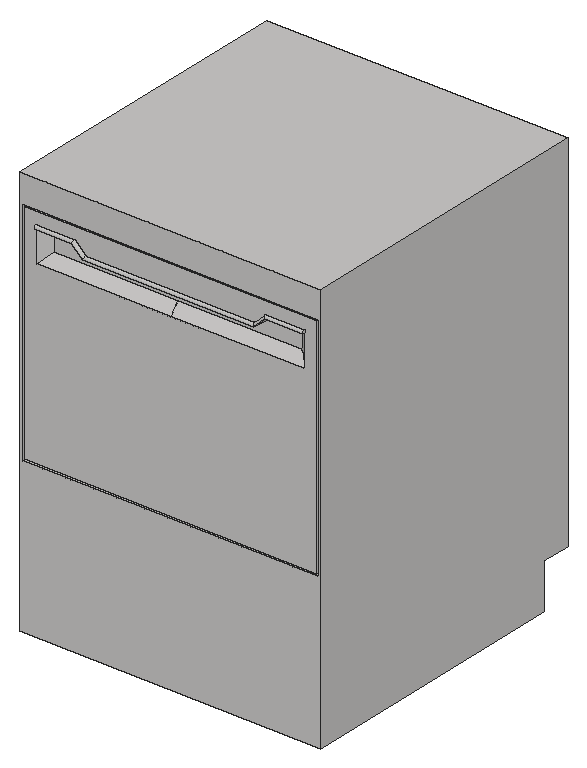
Revit family "QF_ELECTROLUXPROFESSIONAL_502712_ELI3G35M", category Specialty Equipment, Revit 2018
Family settings
  Round Connector Dimension = Use Diameter
  Part Type = Normal
  Work Plane-Based = No
  Always vertical = Yes
  Cut with Voids When Loaded = No
  Shared = No
  Room Calculation Point = No
Parameters
  Weight = 68.00 kg
  Watts = 0 W
  Volts = 0 V
  URL Manufacturer = ""
  URL = "http://professional.electrolux.com/"
  Steam Supply Size = 0 mm
  Steam Supply Minimum Pressure = 0.0 Pa
  Steam Supply Maximum Pressure = 0.0 Pa
  Steam Pounds per Hour = 0
  Show Logo [instance] = yes
  Show Clearance [instance] = yes
  Refrigeration Suction Line Size = 0 mm
  Refrigeration Liquid Line Size = 0 mm
  Refrigerant Compressor Remote = yes
  Manufacturer = ""
  Phase = 0
  Model = ""
  Length Actual = 600 mm  # constant formula
  Item Number = ""
  Hot Water Size = 0 mm
  Height Actual = 820 mm  # constant formula
  HP = "9.2 HP"
  Gas Size = 0 mm
  Gas KW = 0
  Gas Input Pressure = 0 W
  Direct Waste Size = 20.5 mm
  Description = ""
  Depth Actual = 615 mm  # constant formula
  Cycle = 0 Hz
  Condensate Return Size = 0 mm
  Compressed Air Volume = 0.0 L/s
  Compressed Air Size = 0 mm
  Compressed Air Pressure = 0.0 Pa
  Cold Water Size = 0 mm
  Accessory = yes
Types (2, lengths in mm): name | Volts | URL Manufacturer | URL | Manufacturer | Phase | Model | Item Number | Hot Water Size | Description | Cycle
  (no name) | 0 V | "" | "http://professional.electrolux.com/" | "" | 0 | "" | "" | 0 | "" | 0 Hz
  Standard | 230 V | "http://professional.electrolux.com" | "http://professional.electrolux.com" | "Electrolux Professional" | 3 | "ELI3G35M" | "502712" | 19.05 | "UNDERCOUNTER(L), DOUBLE SKIN, 3PH, DP, DD, 720D/H - 230V/3/50HZ MARINE" | 50 Hz
Reference planes
  plane 1 "Center (Front/Back)": y = 0
  plane 2: z = 0
  plane 3 "Center (Left/Right)": x = 0
  plane 4 "LEFT": x = -300
  plane 5 "RIGHT": x = 300
  plane 6 "FRONT": y = -307.5
  plane 7 "BACK": y = 307.5
  plane 8: z = 830
  plane 9: z = 10
  plane 10: y = 268.5
Forms (mm)
  Extrusion 1, solid, material "QF_Finishes_Stainless Steel"
    sketch origin (0, 0, 0) x (1, 0, 0) y (0, 1, 0)
      loop
        line (-300, -307.5) -> (300, -307.5) -> (300, 249.5) -> (-300, 249.5) -> (-300, -307.5)
    from 10 to 830
  Extrusion 2, solid, material "QF_Finishes_Stainless Steel"
    sketch origin (0, 0, 0) x (1, 0, 0) y (0, 1, 0)
      loop
        line (-300, 249.5) -> (300, 249.5) -> (300, 307.5) -> (-300, 307.5) -> (-300, 249.5)
    from 100 to 830
  Extrusion 3, solid, material "QF_Finishes_Stainless Steel"
    sketch origin (0, 0, 0) x (1, 0, 0) y (0, 1, 0)
      loop
        circle (-254, 193.5) r 12.5
      loop
        circle (254, 193.5) r 12.5
      loop
        circle (-254, -237.5) r 12.5
      loop
        circle (254, -237.5) r 12.5
    from 0 to 10
  Extrusion 4, void
    sketch origin (-300, -307.5, 0) x (-1, 0, 0) y (0, 0, 1)
      loop
        line (-5, 773.217) -> (-595, 773.217) -> (-595, 315.188) -> (-5, 315.188) -> (-5, 773.217)
    from 0 to 30
  Extrusion 5, solid, material "QF_Finishes_Stainless Steel"
    sketch origin (-274, -411, 733) x (0, 0, -1) y (1, 0, 0)
      loop
        circle (693, 143) r 10
    from -660.5 to -718.5
  Extrusion 6, solid, material "QF_Door-Drawer Clearances", visible <- "Show Clearance", detail levels coarse
    sketch origin (-230, -282.5, 0) x (0, 1, 0) y (0, 0, -1)
      loop
        line (-25, -319.312) -> (-397, -319.312)
        arc (-397, -319.312) -> (-298.139, -616.581) -> (-25, -770) r 434.302
        line (-25, -770) -> (-25, -319.312)
    from 61.225 to -521.647
  Extrusion 7, solid, material "QF_Finishes_Stainless Steel"
    sketch origin (-331.481, -411, 703) x (0, 0, -1) y (1, 0, 0)
      loop
        circle (663, 252.481) r 8
    from -660.5 to -718.5
  Extrusion 8, solid, material "QF_Finishes_Stainless Steel"
    sketch origin (-230, -282.5, 0) x (0, 1, 0) y (0, 0, -1)
      loop
        line (-25, -319.312) -> (-25, -770) -> (0, -770) -> (0, -319.312) -> (-25, -319.312)
    from 61.225 to -521.647
  Extrusion 9, solid, material "QF_Finishes_Stainless Steel"
    sketch origin (-301, 942.75, 760.5) x (0, -1, 0) y (1, 0, 0)
      loop
        circle (663, 158) r 8
    from -660.5 to -670.5
  Blend 10, void
    base sketch origin (-230, -307.5, 770) x (0, 0, -1) y (1, 0, 0)
      loop
        line (93.563, -37.311) -> (93.563, 230) -> (93.563, 497.311) -> (28.563, 497.311) -> (28.563, 422.311) -> (49.776, 401.098) -> (49.776, 230) -> (49.776, 58.902) -> (28.563, 37.689) -> (28.563, -37.311) -> (93.563, -37.311)
    top sketch origin (-230, -307.5, 770) x (0, 0, -1) y (1, 0, 0)
      loop
        line (73.563, -17.311) -> (73.563, 230) -> (73.563, 477.311) -> (31.063, 477.311) -> (31.063, 422.311) -> (52.276, 401.098) -> (52.276, 58.902) -> (31.063, 37.689) -> (31.063, -17.311) -> (73.563, -17.311)
    from 0 to -19.433
  Sweep 11, solid, material "QF_Finishes_Stainless Steel"
    path origin (-230, -307.5, 770) x (0, 0, -1) y (1, 0, 0)
      loop
        line (28.563, -37.311) -> (28.563, 37.689) -> (49.776, 58.902) -> (49.776, 401.098) -> (28.563, 422.311) -> (28.563, 497.311)
    profile origin (-229.811, -307.5, 741.437) x (0, 0, 1) y (0, -1, 0)
      loop
        line (0, 0) -> (5, 0)
        arc (5, 0) -> (3.536, 3.536) -> (0, 5) r 5
        arc (0, 5) -> (-0.037, 0.962) -> (-0.394, -3.06) r 51.04
        line (-0.394, -3.06) -> (0, 0)
Cuts and joins
  Extrusion 4 cuts Extrusion 1
  joined: Extrusion 1, Extrusion 2
  Blend 10 cuts Extrusion 8
Lines and regions (mm)
  Split face 1
    outline origin (-300, -307.5, 830) x (0, 0, -1) y (1, 0, 0)
      loop
        line (56.783, 5) -> (56.783, 0)
      loop
        line (56.783, 595) -> (56.783, 600)
      loop
        line (37.034, 600) -> (37.034, 514.297)
        arc (37.034, 514.297) -> (37.64, 511.25) -> (39.366, 508.667) r 7.962
        line (39.366, 508.667) -> (44.289, 503.744)
        arc (44.289, 503.744) -> (46.135, 500.982) -> (46.783, 497.723) r 8.515
        line (46.783, 497.723) -> (46.783, 87.277)
        arc (46.783, 87.277) -> (46.135, 84.018) -> (44.289, 81.256) r 8.515
        line (44.289, 81.256) -> (39.366, 76.333)
        arc (39.366, 76.333) -> (37.64, 73.75) -> (37.034, 70.703) r 7.962
        line (37.034, 70.703) -> (37.034, 0)
  Split face 2
    outline origin (-300, -307.5, 830) x (0, 0, -1) y (1, 0, 0)
      loop
        line (13.15, 274.82) -> (37.034, 274.82) -> (37.034, 325.18) -> (13.15, 325.18) -> (13.15, 274.82)
  symbolic lines
    curve 1: line (-300, 307.5, 0) -> (300, 307.5, 0)
    curve 2: line (-300, -307.5, 0) -> (-300, 307.5, 0)
    curve 3: line (300, -307.5, 0) -> (-300, -307.5, 0)
    curve 4: line (300, 307.5, 0) -> (300, -307.5, 0)
  symbolic lines, style "QF_Door-Drawer Clearances"
    curve 5: line (-291.225, -679.5, 0) -> (291.647, -679.5, 0)
    curve 6: line (291.647, -679.5, 0) -> (291.647, -307.5, 0)
    curve 7: line (-291.225, -679.5, 0) -> (-291.225, -307.5, 0)
  symbolic lines, style "SpecialityEquipmentHiddenLines"
    curve 8: line (-300, 249.5, 0) -> (300, 249.5, 0)
Dimensions and locks
  equal spacing: plane 4 "LEFT", plane 3 "Center (Left/Right)", plane 5 "RIGHT"
  equal spacing: plane 7 "BACK", plane 1 "Center (Front/Back)", plane 6 "FRONT"
  plane 7 "BACK" to plane 6 "FRONT" = 615 mm
  plane 4 "LEFT" to plane 5 "RIGHT" = 600 mm
  locked: plane 9 to level at 10
  plane 4 "LEFT" to plane 3 "Center (Left/Right)" = 300 mm
  plane 8 to level = 830 mm  (x2)
  Extrusion 9 sketch curve to plane 4 "LEFT" = 157 mm
  level to Extrusion 5 sketch curve = 40 mm
  Extrusion 5 sketch curve to plane 4 "LEFT" = 169 mm
  Extrusion 7 sketch curve to plane 4 "LEFT" = 221 mm
  level to Extrusion 7 sketch curve = 40 mm
  Extrusion 3 to cut or joined group of Extrusion 1, Extrusion 2, Extrusion 4 = 114 mm
  Extrusion 3 to Extrusion 3 = 431 mm
  plane 6 "FRONT" to Extrusion 3 = 70 mm
  plane 1 "Center (Front/Back)" to plane 6 "FRONT" = 307.5 mm
  locked: plane 7 "BACK" to plane 10 at 39
  plane 7 "BACK" to curve 5 = 987 mm
  Extrusion 8 to cut or joined group of Extrusion 1, Extrusion 2, Extrusion 4 = 454.812 mm
  aligned and locked: level to plane 2
  aligned and locked: Extrusion 1 sketch curve to plane 6 "FRONT"
  aligned and locked: Extrusion 1 sketch curve to plane 4 "LEFT"
  aligned and locked: plane 5 "RIGHT" to Extrusion 1 sketch curve
  aligned and locked: Extrusion 1 to plane 9
  aligned and locked: Extrusion 2 sketch curve to Extrusion 1
  aligned and locked: plane 7 "BACK" to Extrusion 2 sketch curve
  aligned and locked: plane 5 "RIGHT" to Extrusion 2 sketch curve
  aligned and locked: plane 9 to Extrusion 3
Automatic sketch dimensions
  Extrusion 1 sketch curve to plane 10 = 19 mm
  Extrusion 2 sketch curve to plane 10 = 19 mm
  plane 4 "LEFT" to Extrusion 3 sketch curve = 46 mm  (x2)
  Extrusion 3 sketch curve to plane 5 "RIGHT" = 46 mm  (x2)
  plane 6 "FRONT" to Extrusion 3 sketch curve = 70 mm  (x2)
  Extrusion 3 sketch curve to plane 10 = 75 mm  (x2)
  Extrusion 4 sketch curve to Extrusion 1 = 5 mm  (x2)
  Extrusion 4 sketch curve to Extrusion 1 = 305.188 mm
  Extrusion 4 sketch curve to Extrusion 1 = 56.783 mm
  Extrusion 8 sketch curve to plane 6 "FRONT" = 0 mm
  Extrusion 8 sketch curve to Extrusion 8 sketch curve = 25 mm
  Extrusion 8 sketch curve to plane 8 = 60 mm
  plane 9 to Extrusion 8 sketch curve = 309.312 mm
  cut or joined group of Extrusion 1, Extrusion 2, Extrusion 4 to Split face 1 sketch curve = 0 mm  (x2)
  Split face 1 sketch curve to cut or joined group of Extrusion 1, Extrusion 2, Extrusion 4 = 0 mm  (x6)
  cut or joined group of Extrusion 1, Extrusion 2, Extrusion 4 to Split face 1 sketch curve = 10 mm
  Split face 1 sketch curve to Split face 1 sketch curve = 2.494 mm  (x2)
  Split face 1 sketch curve to Split face 1 sketch curve = 8.515 mm  (x2)
  cut or joined group of Extrusion 1, Extrusion 2, Extrusion 4 to Split face 1 sketch curve = 11.786 mm  (x2)
  Split face 1 sketch curve to Split face 1 sketch curve = 5.63 mm  (x2)
  Split face 1 sketch curve to Split face 1 sketch curve = 2.332 mm  (x2)
  Split face 1 sketch curve to cut or joined group of Extrusion 1, Extrusion 2, Extrusion 4 = 65.703 mm
  Split face 1 sketch curve to Split face 1 sketch curve = 4.923 mm  (x2)
  Split face 1 sketch curve to cut or joined group of Extrusion 1, Extrusion 2, Extrusion 4 = 97.277 mm
  Split face 2 sketch curve to cut or joined group of Extrusion 1, Extrusion 2, Extrusion 4 = 13.15 mm
  cut or joined group of Extrusion 1, Extrusion 2, Extrusion 4 to Split face 2 sketch curve = 19.749 mm
  Split face 2 sketch curve to cut or joined group of Extrusion 1, Extrusion 2, Extrusion 4 = 269.82 mm
  Split face 2 sketch curve to Split face 2 sketch curve = 50.359 mm
  curve 1 to plane 4 "LEFT" = 0 mm
  curve 7 to plane 6 "FRONT" = 0 mm
  curve 4 to plane 5 "RIGHT" = 0 mm
  curve 8 to plane 10 = 19 mm
  curve 2 to plane 7 "BACK" = 0 mm
  plane 4 "LEFT" to curve 5 = 8.775 mm
  curve 6 to plane 5 "RIGHT" = 8.353 mm
  Extrusion 6 sketch curve to plane 6 "FRONT" = 0 mm
  plane 6 "FRONT" to Extrusion 6 sketch curve = 61.803 mm
  plane 9 to Extrusion 6 sketch curve = 330.118 mm
  Extrusion 6 sketch curve to Extrusion 6 sketch curve = 20.806 mm
  Extrusion 6 sketch curve to plane 6 "FRONT" = 372 mm
  Blend 10 sketch curve to Extrusion 8 = 28.563 mm  (x2)
  Blend 10 sketch curve to Extrusion 8 = 49.776 mm
  Blend 10 sketch curve to Blend 10 sketch curve = 65 mm
  Extrusion 8 to Blend 10 sketch curve = 23.913 mm
  Blend 10 sketch curve to Blend 10 sketch curve = 75 mm  (x2)
  Blend 10 sketch curve to Blend 10 sketch curve = 21.213 mm  (x5)
  Blend 10 sketch curve to Blend 10 sketch curve = 171.098 mm  (x2)
  Blend 10 sketch curve to Blend 10 sketch curve = 0 mm
  Extrusion 8 to Blend 10 sketch curve = 120.549 mm
  Extrusion 8 to Blend 10 sketch curve = 99.335 mm
  Extrusion 8 to Blend 10 sketch curve = 43.913 mm
  Blend 10 sketch curve to Blend 10 sketch curve = 42.5 mm
  Extrusion 8 to Blend 10 sketch curve = 44.335 mm
  Blend 10 sketch curve to Blend 10 sketch curve = 55 mm  (x2)
  Blend 10 sketch curve to Extrusion 8 = 31.063 mm
  Extrusion 8 to Sweep 11 sketch curve = 98.913 mm
  Sweep 11 sketch curve to Sweep 11 sketch curve = 21.213 mm  (x4)
  Extrusion 8 to Sweep 11 sketch curve = 23.913 mm
  Sweep 11 sketch curve to Extrusion 8 = 28.563 mm
  Extrusion 8 to Sweep 11 sketch curve = 99.335 mm
  Extrusion 8 to Sweep 11 sketch curve = 24.335 mm
  profile plane to Sweep 11 sketch curve = 0 mm  (x2)
  Sweep 11 sketch curve to profile plane = 0 mm
  profile plane to Sweep 11 sketch curve = 3.452 mm
  Sweep 11 sketch curve to Sweep 11 sketch curve = 5 mm
  profile plane to Sweep 11 sketch curve = 0.394 mm
  Sweep 11 sketch curve to profile plane = 3.06 mm
  plane 10 to Extrusion 9 sketch curve = 11.25 mm
  radius of Extrusion 3 sketch curve = 12.5 mm  (x4)
  radius of Extrusion 5 sketch curve = 10 mm
  radius of Extrusion 7 sketch curve = 8 mm
  radius of Extrusion 9 sketch curve = 8 mm
Connectors
  piping at (-131, 307.5, 40), diameter 20
    settings: on Extrusion 5, index 1, connector inside diameter 609.6 mm, connector length 0 mm, flow factor 0, pipe flow 0.0 L/s, pressure drop 0.0 Pa, fitting loss kfactor 0, connector angle 0.00°, fixture units 0, engagement length 0 mm, angle of deflection 0.00°, flow configuration 1, flow direction 1, fitting loss method 0, system type 16, joint type 0, gender type 0, connector reference index -1, connector utility 0, adjustable connector no, is connector primary yes, connector description "Drain"
  piping at (-79, 307.5, 40), diameter 16
    settings: on Extrusion 7, index 3, connector inside diameter 609.6 mm, connector length 0 mm, flow factor 0, pipe flow 0.0 L/s, pressure drop 0.0 Pa, fitting loss kfactor 0, connector angle 0.00°, fixture units 0, engagement length 0 mm, angle of deflection 0.00°, flow configuration 1, flow direction 1, fitting loss method 0, system type 20, joint type 0, gender type 0, connector reference index -1, connector utility 0, adjustable connector no, is connector primary no, connector description "Cold Water Inlet"
  electrical at (-143, 279.75, 90), driven by "Volts"
    settings: on Extrusion 9, index 4, voltage 0 V, apparent load 0 VA, apparent load phase1 0 VA, apparent load phase2 0 VA, apparent load phase3 0 VA, power factor 1, load classification "Altro", number of poles 1, system type 31, power factor state 1, is connector primary yes, connector utility no, sub classification motor no, connector description "Electrical Connection"
